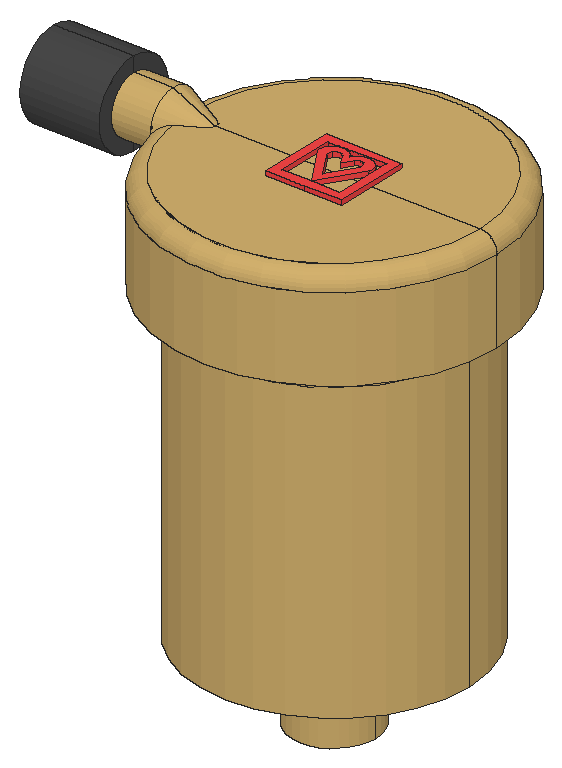
Revit family "Be- u. Entlüfter 2630 02", category Rohrzubehör, Revit 2021
Family settings
  Bemaßung runder Anschluss = Durchmesser verwenden
  Teiletyp = Normal
  OmniClass-Nummer = 23.65.55.14
  OmniClass-Titel = Valves for Liquid Services
  Arbeitsebenenbasiert = Nein
  Immer vertikal = Ja
  Beim Laden mit Abzugskörper schneiden = Nein
  Gemeinsam genutzt = Nein
Parameters
  Vorgabe-Ansicht = 0.000 mm
  URL = "www.herz-armaturen.at"
  Schwimmer = "Polypropylen"  # constant formula
  SCRNSEQ = "AWI;AWI_TYP=\"1013\";1"
  SCRNCODE = "05;14;01"  # constant formula
  S02 = 11.000 mm  # constant formula
  S01 = 24.500 mm  # constant formula
  R01 = 2.000 mm  # constant formula
  Nennweite AG [instance] = 10.000 mm  # constant formula
  Min.Betriebstemperatur = 0 °C  # constant formula
  Medium = "Heizungswasser nach ÖNORM H5195 oder VDI- Richtlinie 2035. Die Verwendung von Ethylen- oder Propyleneglykol in einem Mischungsverhältnis von 25 - 50% ist zulässig. EPDM-Dichtungen können durch Mineralöle und Schmiermittel beeinflusst werden, was zum Versagen der EPDM-Dichtungen führen kann. Bitte beachten Sie die Dokumentation des Herstellers, wenn Ethylenglykol-Produkte für den Frost- und Korrosionsschutz verwendet werden."
  Max.Strukturdruck = 1200000.0 Pa  # constant formula
  Max.Betriebstemperatur = 110 °C  # constant formula
  Max.Betriebsdruck = 800000.0 Pa  # constant formula
  L04 = L00 - L01  # 24.000 mm
  L03 = 13.500 mm  # constant formula
  L02 = 4.800 mm  # constant formula
  L01 = 9.500 mm  # constant formula
  L00 = 33.500 mm  # constant formula
  Hersteller = "Herz-Armaturen GmbH"  # constant formula
  H05 = H00 - 1.000 mm  # 58.000 mm
  H04 = H03 - D03  # 57.900 mm
  H03 = 63.000 mm  # constant formula
  H02 = 9.500 mm  # constant formula
  H01 = 12.000 mm  # constant formula
  H00 = 59.000 mm  # constant formula
  Gehäuse = "geschmiedetes Messing nach EN 12165, CW617N"  # constant formula
  G1 [instance] = Nennweite AG / 2  # 5.000 mm
  Dichtungen = "NBR"  # constant formula
  Deckel = "geschmiedetes Messing nach EN 12165, CW617N"  # constant formula
  D05 = 0.800 mm  # constant formula
  D04 = 3.400 mm  # constant formula
  D03 = 5.100 mm  # constant formula
  D02 = 19.500 mm  # constant formula
  D01 = 16.200 mm  # constant formula
  Bestellnummer [instance] = if(Nennweite AG = 10.000 mm, 1263002, 0)  # 1263002
  Aussengewindeanschluss = "nach ISO 228"  # constant formula
  Anwendungsgebiet = "Der automatische Schnellentlüfter wird in Heizungs- und Kühlungssysteme zur Entlüftung der Anlage verwendet. Das Ventil sollte in der Nähe des Boilers oder am höchsten Punkt der Anlage installiert werden, um eine garantierte Entlüftung der Anlage an die Umgebung zu gewährleisten."
  Abdeckkappe = "Polypropylen, Schwarz"  # constant formula
Reference planes
  plane 1 "Mitte (Vorne/hinten)": y = 0
  plane 2: z = 0
  plane 3 "Mitte (Links/rechts)": x = 0
Forms (mm)
  Revolve 1, solid, material "Messing", detail levels fine
    sketch origin (0, 0, 0) x (1, 0, 0) y (0, 0, 1)
      loop
        line (0, 0) -> (0, 59) -> (-17.5, 59)
        arc (-17.5, 59) -> (-18.914, 58.414) -> (-19.5, 57) r 2
        line (-19.5, 57) -> (-19.5, 47) -> (-18.2, 47)
        arc (-18.2, 47) -> (-16.786, 46.414) -> (-16.2, 45) r 2
        line (-16.2, 45) -> (-16.2, 9.5) -> (-5, 9.5) -> (-5, 0) -> (0, 0)
      axis (0, 59) -> (0, 0)
    angle from 0 to 360
  Revolve 2, solid, material "Kunststoff - schwarz", detail levels fine
    sketch origin (0, 0, 0) x (1, 0, 0) y (0, 0, 1)
      loop
        line (-33.5, 57.9) -> (-24, 57.9) -> (-24, 63) -> (-33.5, 63) -> (-33.5, 57.9)
      axis (-33.5, 57.9) -> (-24, 57.9)
    angle from 0 to 360
  Revolve 3, solid, material "Messing", detail levels fine
    sketch origin (0, 0, 0) x (1, 0, 0) y (0, 0, 1)
      loop
        line (-24, 57.9) -> (0, 57.9) -> (0, 58.7) -> (-13.5, 58.7) -> (-19.2, 61.3) -> (-24, 61.3) -> (-24, 57.9)
      axis (-24, 57.9) -> (0, 57.9)
    angle from 0 to 360
Lines and regions (mm)
  model lines, detail levels coarse+medium
    curve 1: line (0, 0, 59) -> (-11.455, 0, 47.545)
    curve 2: line (0, 0, 59) -> (11.455, 0, 47.545)
    curve 3: circle (0, 0, 34.5) r 11 normal (0, -1, 0)
    curve 4: line (0, 0, 10) -> (-11.455, 0, 21.455)
    curve 5: line (0, 0, 10) -> (11.455, 0, 21.455)
    curve 6: line (0, 0, 59) -> (0, 0, 45.5)
    curve 7: line (0, 0, 23.5) -> (0, 0, 0)
    curve 8: line (0, 0, 59) -> (0, -11.455, 47.545)
    curve 9: line (0, 0, 59) -> (0, 11.455, 47.545)
    curve 10: circle (0, 0, 34.5) r 11 normal (1, 0, 0)
    curve 11: line (0, 0, 10) -> (0, -11.455, 21.455)
    curve 12: line (0, 0, 10) -> (0, 11.455, 21.455)
    curve 13: line (0, 59, 0) -> (11.455, 47.545, 0)
    curve 14: line (0, 59, 0) -> (-11.455, 47.545, 0)
    curve 15: circle (0, 34.5, 0) r 11 normal (0, 0, 1)
    curve 16: line (0, 59, 0) -> (0, 45.5, 0)
    curve 17: line (0, 23.5, 0) -> (0, 0, 0)
    curve 18: line (0, 10, 0) -> (11.455, 21.455, 0)
    curve 19: line (0, 10, 0) -> (-11.455, 21.455, 0)
Dimensions and locks
  "G1": Revolve 1 sketch curve to Revolve 1 sketch curve
  "H00": Revolve 1 sketch curve to Revolve 1 sketch curve
  "D01": Revolve 1 sketch curve to Revolve 1 sketch curve
  "D02": Revolve 1 sketch curve to Revolve 1 sketch curve
  "H02": Revolve 1 sketch curve to Revolve 1 sketch curve
  "H01": Revolve 1 sketch curve to Revolve 1 sketch curve
  "D03": Revolve 2 sketch curve to Revolve 2 sketch curve
  "L01": Revolve 2 sketch curve to Revolve 2 sketch curve
  "L00": Revolve 2 sketch curve to plane 3 "Mitte (Links/rechts)"
  "D04": Revolve 3 sketch curve to Revolve 3 sketch curve
  "L02": Revolve 3 sketch curve to Revolve 3 sketch curve
  "L03": Revolve 3 sketch curve to plane 3 "Mitte (Links/rechts)"
  "L04": Revolve 3 sketch curve to plane 3 "Mitte (Links/rechts)"
  "D05": Revolve 3 sketch curve to Revolve 3 sketch curve
  "H03": Revolve 2 sketch curve to plane 2
  "H04": Revolve 3 sketch curve to plane 2
  "H05": nested 1 to plane 2
  "D01": curve 2 to curve 2
  "D01": curve 1 to curve 2
  "S01": curve 5 to curve 3 to curve 2
  "H00": curve 6 to plane 2
  "D01": curve 4 to curve 5
  "D01": curve 5 to curve 5
  "S01": curve 9 to curve 10
  "H00": curve 9 to plane 2
  "S01": curve 12 to curve 10
  "D01": curve 8 to curve 8
  "D01": curve 9 to curve 9
  "D01": curve 11 to curve 11
  "D01": curve 12 to curve 12
  "H00": curve 16 to curve 17
  "D01": curve 14 to curve 14
  "D01": curve 13 to curve 13
  "D01": curve 19 to curve 19
  "D01": curve 18 to curve 18
  "S01": curve 16 to curve 15 to curve 19
  "R01": radius of Revolve 1 sketch curve  (x2)
  "S02": radius of curve 3
  "S02": radius of curve 10
  "S02": radius of curve 15
  angle curve 1 to curve 6 = 45.00°
  angle curve 6 to curve 2 = 45.00°
  angle curve 5 to curve 7 = 45.00°
  angle curve 7 to curve 4 = 45.00°
  angle plane 1 "Mitte (Vorne/hinten)" to curve 9 = 45.00°
  angle curve 8 to plane 1 "Mitte (Vorne/hinten)" = 45.00°
  angle plane 1 "Mitte (Vorne/hinten)" to curve 11 = 45.00°
  angle curve 12 to plane 1 "Mitte (Vorne/hinten)" = 45.00°
  angle curve 16 to curve 13 = 45.00°
  angle curve 14 to curve 16 = 45.00°
  angle curve 16 to curve 19 = 45.00°
  angle curve 18 to curve 17 = 45.00°
  aligned and locked: level to plane 2
Automatic sketch dimensions
  curve 12 to plane 1 "Mitte (Vorne/hinten)" = 0.000 mm
  curve 10 to plane 1 "Mitte (Vorne/hinten)" = 0.000 mm
  curve 9 to plane 1 "Mitte (Vorne/hinten)" = 0.000 mm
  curve 2 to plane 3 "Mitte (Links/rechts)" = 0.000 mm
  curve 7 to plane 3 "Mitte (Links/rechts)" = 0.000 mm
  curve 3 to plane 3 "Mitte (Links/rechts)" = 0.000 mm
  curve 4 to plane 3 "Mitte (Links/rechts)" = 0.000 mm
  curve 14 to plane 3 "Mitte (Links/rechts)" = 0.000 mm
  curve 19 to plane 3 "Mitte (Links/rechts)" = 0.000 mm
  curve 15 to plane 3 "Mitte (Links/rechts)" = 0.000 mm
  curve 17 to plane 3 "Mitte (Links/rechts)" = 0.000 mm
  plane 1 "Mitte (Vorne/hinten)" to curve 17 = 0.000 mm
  Revolve 1 sketch curve to level = 0.000 mm
  Revolve 1 sketch curve to plane 3 "Mitte (Links/rechts)" = 0.000 mm  (x2)
  Revolve 1 sketch curve to level = 2000.000 mm
  Revolve 1 sketch curve to Revolve 1 sketch curve = 1937.000 mm
  Revolve 2 sketch curve to Revolve 2 sketch curve = 0.000 mm  (x3)
  Revolve 3 sketch curve to plane 3 "Mitte (Links/rechts)" = 0.000 mm
  Revolve 3 sketch curve to Revolve 3 sketch curve = 0.212 mm
  Revolve 3 sketch curve to plane 3 "Mitte (Links/rechts)" = 0.539 mm
  Revolve 3 sketch curve to Revolve 3 sketch curve = 0.000 mm
Nested families
  nested 1: "Herz-Logo" at (0, 0, 58), type "Herz-Logo", detail levels fine
Connectors
  piping at (0, 0, 0), diameter 10, driven by "Nennweite AG"
    settings: on Revolve 1, index 1, connector inside diameter 609.6 mm, connector length 0.000 mm, flow factor 0, pipe flow 0.0 L/s, pressure drop 0.0 Pa, fitting loss kfactor 0, connector angle 0.00°, fixture units 0, engagement length 0.000 mm, angle of deflection 0.00°, flow configuration 0, flow direction 1, fitting loss method 0, system type 29, joint type 0, gender type 0, connector reference index -1, connector utility 0, adjustable connector no, is connector primary yes, connector description ""
Definition of nested family "Herz-Logo"
  Parameters (values of type "Herz-Logo")
    Default Elevation = 0.000 mm
  Reference planes
    plane 1 "Mitte (Vorne/hinten)": y = 0
    plane 2: z = 0
    plane 3 "Mitte (Links/rechts)": x = 0
  Forms (mm)
    Extrusion 1, solid
      sketch origin (0, 0, 0) x (1, 0, 0) y (0, 1, 0)
        loop
          line (-0.018, -4.517) -> (4.482, -4.517) -> (4.482, 4.483) -> (-4.518, 4.483) -> (-4.518, -4.517) -> (-0.018, -4.517)
        loop
          line (-0.05, -3.48) -> (3.482, -3.48) -> (3.482, 3.483) -> (-3.518, 3.483) -> (-3.518, -3.48) -> (-0.05, -3.48)
        loop
          arc (-0.018, 2.383) -> (-1.543, 3.287) -> (-3.067, 2.383) r 1.738
          arc (-3.067, 2.383) -> (-3.191, 1.899) -> (-3.067, 1.415) r 1.009
          line (-3.067, 1.415) -> (-0.018, -3.281) -> (3.032, 1.415)
          arc (3.032, 1.415) -> (3.156, 1.899) -> (3.032, 2.383) r 1.009
          arc (3.032, 2.383) -> (1.507, 3.287) -> (-0.018, 2.383) r 1.738
        loop
          arc (1.885, 1.272) -> (2.005, 1.675) -> (1.885, 2.079) r 0.74
          arc (1.885, 2.079) -> (1.265, 2.416) -> (0.644, 2.079) r 0.74
          line (0.644, 2.079) -> (-0.018, 0.97) -> (-0.679, 2.079)
          arc (-0.679, 2.079) -> (-1.3, 2.416) -> (-1.921, 2.079) r 0.74
          arc (-1.921, 2.079) -> (-2.04, 1.675) -> (-1.921, 1.272) r 0.74
          line (-1.921, 1.272) -> (-0.018, -1.658) -> (1.885, 1.272)
      from 0 to 1.5
  Dimensions and locks
    aligned and locked: level to plane 2
